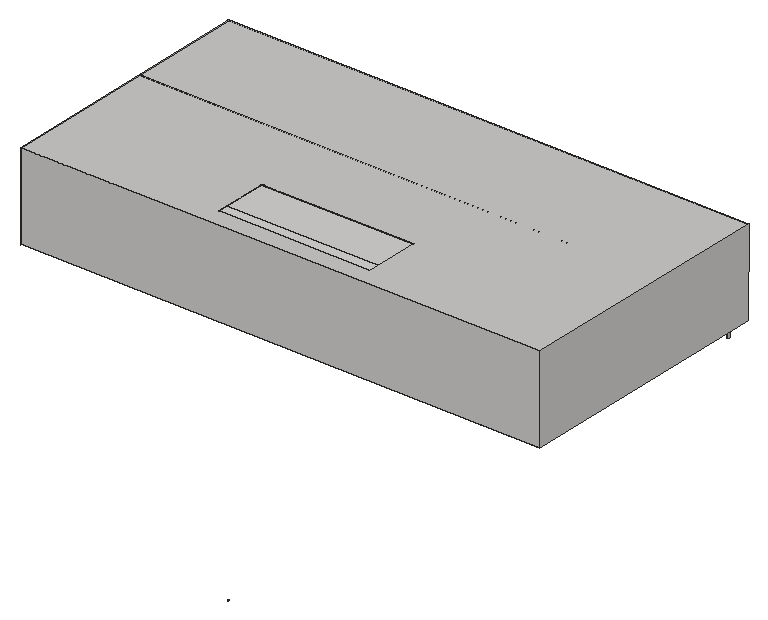
Revit family "QF_ELECTROLUXPROFESSIONAL_643323_DK1224", category Specialty Equipment, Revit 2014
Reference planes
  plane 1: z = 0
  plane 2 "Center (Left/Right)": x = 150
  plane 3 "LEFT": x = -1050
  plane 4 "RIGHT": x = 1350
  plane 5 "BACK": y = 550
  plane 6 "TOP": z = 2400
  plane 7 "Base": z = 2000
  plane 8: z = 1970
  plane 9 "DrainY": y = 450
  plane 10: x = -1047
  plane 11: y = -320
  plane 12: y = -570
  plane 13 "DrainX": x = 1337
  plane 14 "AOLeft2": x = 500
  plane 15: x = 1347
  plane 16: x = -850
  plane 17: x = 1150
  plane 18 "Center (Front/Back)": y = -50
  plane 19 "Front": y = -650
  plane 20 "AOLeft1": x = -200
Forms (mm)
  Extrusion 1, solid, material "QF_Finishes_Stainless Steel"
    sketch origin (-1050, 0, 360) x (0, 1, 0) y (0, 0, 1)
      loop
        line (550, 1640) -> (550, 2040) -> (-650, 2040) -> (-650, 1640) -> (550, 1640)
    from 0 to 3
  Extrusion 2, solid, material "QF_Finishes_Stainless Steel"
    sketch origin (1350, 0, 360) x (0, 1, 0) y (0, 0, 1)
      loop
        line (550, 1640) -> (550, 2040) -> (-650, 2040) -> (-650, 1640) -> (550, 1640)
    from 0 to -3
  Extrusion 3, solid, material "QF_Finishes_Stainless Steel"
    sketch origin (150, 0, 360) x (0, 1, 0) y (0, 0, 1)
      loop
        line (-650, 2040) -> (-650, 1640) -> (-640, 1640) -> (-640, 1640.8) -> (-649.2, 1640.8) -> (-649.2, 2039.19) -> (549.2, 2039.19) -> (549.2, 1640.8) -> (540, 1640.8) -> (540, 1640) -> (550, 1640) -> (550, 2040) -> (-650, 2040)
    from -1200 to 1200
  Extrusion 4, solid, material "QF_Finishes_Stainless Steel"
    sketch origin (0, 0, 2000) x (0, 1, 0) y (-1, 0, 0)
      loop
        circle (450, -1337) r 4.763
    from -30 to 0
  Extrusion 5, void
    sketch origin (0, 0, 2400) x (0, 1, 0) y (-1, 0, 0)
      loop
        line (-320, -500) -> (-320, 200) -> (-570, 200) -> (-570, -500) -> (-320, -500)
    from 0 to -10
  Extrusion 6, solid, material "QF_Finishes_Stainless Steel"
    sketch origin (0, 0, 0) x (1, 0, 0) y (0, 1, 0)
      loop
        line (-1050, 550) -> (-1050, 549) -> (-1049, 549) -> (-1049, 550) -> (-1050, 550)
    from 0 to 1
  Sweep 7, solid, material "QF_Finishes_Stainless Steel"
    path origin (0, 0, 0) x (1, 0, 0) y (0, 1, 0)
      loop
        line (1350, 550) -> (-1050, 550) -> (-1050, -650) -> (1350, -650) -> (1350, 550)
    profile origin (1350, -50, 0) x (1, 0, 0) y (0, 0, 1)
      loop
        line (-3, 2000) -> (-3, 2000.8) -> (-19, 2000.8) -> (-19, 2010) -> (-20, 2010) -> (-20, 2000) -> (-3, 2000)
  Extrusion 8, solid, material "QF_Finishes_Stainless Steel"
    sketch origin (150, 0, 0) x (0, 1, 0) y (0, 0, 1)
      loop
        line (35, 2399.19) -> (34.2, 2399.19) -> (34.2, 2329.838) -> (-320.309, 2254.485) -> (-614.003, 2066.672) -> (-614.003, 2000.8) -> (-613.203, 2000.8) -> (-613.203, 2066.234) -> (-320, 2253.732) -> (35, 2329.19) -> (35, 2399.19)
    from -1197 to 1197
Cuts and joins
  Extrusion 5 cuts Extrusion 3
  joined: Extrusion 2, Extrusion 3, Sweep 7
Lines and regions (mm)
  symbolic lines, style "SpecialityEquipment", detail levels coarse
    curve 1: line (1350, 550, 2400) -> (-1050, 550, 2400)
    curve 2: line (-1050, 550, 2400) -> (-1050, -650, 2400)
    curve 3: line (1350, -650, 2400) -> (1350, 550, 2400)
    curve 4: line (-1050, 550, 0) -> (1350, -650, 0)
    curve 5: line (1350, 550, 0) -> (-1050, -650, 0)
    curve 6: line (-1050, -650, 0) -> (1350, -650, 0)
  symbolic lines, detail levels coarse
    curve 7: line (-200, -570, 0) -> (500, -570, 0)
    curve 8: line (-200, -320, 0) -> (-200, -570, 0)
    curve 9: line (500, -320, 0) -> (-200, -320, 0)
    curve 10: line (500, -570, 0) -> (500, -320, 0)
Dimensions and locks
  plane 3 "LEFT" to plane 4 "RIGHT" = 2400 mm
  equal spacing: plane 3 "LEFT", plane 2 "Center (Left/Right)", plane 4 "RIGHT"
  plane 7 "Base" to plane 8 = 30 mm
  plane 5 "BACK" to plane 9 "DrainY" = 100 mm  (x2)
  plane 3 "LEFT" to plane 10 = 3 mm
  plane 13 "DrainX" to plane 4 "RIGHT" = 13 mm
  plane 15 to plane 4 "RIGHT" = 3 mm
  plane 3 "LEFT" to plane 16 = 200 mm
  plane 17 to plane 4 "RIGHT" = 200 mm
  locked: plane 7 "Base" to level at 2000
  locked: plane 6 "TOP" to plane 7 "Base" at 400
  plane 5 "BACK" to plane 19 "Front" = 1200 mm  (x2)
  equal spacing: plane 5 "BACK", plane 18 "Center (Front/Back)", plane 19 "Front"
  plane 12 to plane 19 "Front" = 80 mm
  locked: plane 11 to plane 12 at 250
  locked: plane 20 "AOLeft1" to plane 14 "AOLeft2" at 700
  equal spacing: plane 20 "AOLeft1", plane 2 "Center (Left/Right)", plane 14 "AOLeft2"
  aligned and locked: level to plane 1
  aligned and locked: plane 4 "RIGHT" to Extrusion 3
  aligned and locked: Extrusion 3 to plane 3 "LEFT"
  aligned and locked: Extrusion 5 to plane 12
  aligned and locked: Extrusion 5 to plane 11
  aligned and locked: Extrusion 2 to plane 15
  aligned and locked: Extrusion 8 to plane 10
  aligned and locked: plane 15 to Extrusion 8
  aligned and locked: Extrusion 5 to plane 20 "AOLeft1"
  aligned and locked: Extrusion 5 to plane 14 "AOLeft2"
Automatic sketch dimensions
  Extrusion 1 sketch curve to plane 7 "Base" = 0 mm
  Extrusion 1 sketch curve to plane 19 "Front" = 0 mm
  Extrusion 1 sketch curve to plane 5 "BACK" = 0 mm
  Extrusion 1 sketch curve to plane 6 "TOP" = 0 mm
  Extrusion 2 sketch curve to plane 7 "Base" = 0 mm
  Extrusion 2 sketch curve to plane 19 "Front" = 0 mm
  Extrusion 2 sketch curve to plane 5 "BACK" = 0 mm
  Extrusion 2 sketch curve to plane 6 "TOP" = 0 mm
  Extrusion 3 sketch curve to plane 6 "TOP" = 0 mm
  Extrusion 3 sketch curve to plane 19 "Front" = 0 mm
  Extrusion 3 sketch curve to plane 7 "Base" = 0 mm  (x2)
  Extrusion 3 sketch curve to plane 5 "BACK" = 0 mm
  plane 19 "Front" to Extrusion 3 sketch curve = 0.8 mm
  Extrusion 3 sketch curve to Extrusion 3 sketch curve = 9.2 mm
  plane 7 "Base" to Extrusion 3 sketch curve = 0.8 mm  (x2)
  Extrusion 3 sketch curve to plane 5 "BACK" = 10 mm
  Extrusion 3 sketch curve to plane 5 "BACK" = 0.8 mm
  Extrusion 3 sketch curve to plane 6 "TOP" = 0.81 mm
  Extrusion 4 sketch curve to plane 9 "DrainY" = 0 mm
  Extrusion 4 sketch curve to plane 13 "DrainX" = 0 mm
  Extrusion 5 sketch curve to plane 12 = 0 mm
  plane 11 to Extrusion 5 sketch curve = 0 mm
  Extrusion 5 sketch curve to plane 14 "AOLeft2" = 0 mm
  Extrusion 5 sketch curve to plane 20 "AOLeft1" = 0 mm
  Extrusion 6 sketch curve to plane 3 "LEFT" = 0 mm
  Extrusion 6 sketch curve to plane 5 "BACK" = 0 mm
  plane 3 "LEFT" to Extrusion 6 sketch curve = 1 mm
  Extrusion 6 sketch curve to Extrusion 6 sketch curve = 1 mm
  Sweep 7 sketch curve to plane 3 "LEFT" = 0 mm
  Sweep 7 sketch curve to plane 4 "RIGHT" = 0 mm
  Sweep 7 sketch curve to plane 19 "Front" = 0 mm
  Sweep 7 sketch curve to plane 5 "BACK" = 0 mm
  profile plane to Sweep 7 sketch curve = 20 mm
  Sweep 7 sketch curve to Sweep 7 sketch curve = 1 mm
  profile plane to Sweep 7 sketch curve = 3 mm
  level to Sweep 7 sketch curve = 2000 mm
  Sweep 7 sketch curve to Sweep 7 sketch curve = 0.8 mm
  Sweep 7 sketch curve to Sweep 7 sketch curve = 9.2 mm
  curve 5 to plane 3 "LEFT" = 0 mm
  curve 4 to plane 3 "LEFT" = 0 mm
  curve 6 to plane 19 "Front" = 0 mm
  curve 5 to plane 4 "RIGHT" = 0 mm
  curve 6 to plane 4 "RIGHT" = 0 mm
  curve 5 to plane 5 "BACK" = 0 mm
  curve 4 to plane 5 "BACK" = 0 mm
  curve 2 to plane 3 "LEFT" = 0 mm
  curve 2 to plane 19 "Front" = 0 mm
  curve 3 to plane 4 "RIGHT" = 0 mm
  curve 3 to plane 19 "Front" = 0 mm
  curve 2 to plane 5 "BACK" = 0 mm
  Extrusion 8 sketch curve to plane 11 = 0 mm
  plane 11 to Extrusion 8 sketch curve = 0.309 mm
  plane 7 "Base" to Extrusion 8 sketch curve = 0.8 mm
  plane 19 "Front" to Extrusion 8 sketch curve = 36.797 mm
  Extrusion 8 sketch curve to Extrusion 8 sketch curve = 0.8 mm  (x2)
  plane 18 "Center (Front/Back)" to Extrusion 8 sketch curve = 84.2 mm
  Extrusion 8 sketch curve to Extrusion 8 sketch curve = 65.434 mm
  Extrusion 8 sketch curve to plane 6 "TOP" = 146.268 mm
  Extrusion 8 sketch curve to Extrusion 8 sketch curve = 0.752 mm
  Extrusion 8 sketch curve to plane 6 "TOP" = 70.81 mm
  Extrusion 8 sketch curve to Extrusion 8 sketch curve = 0.648 mm
  Extrusion 8 sketch curve to Extrusion 8 sketch curve = 0.438 mm
  Extrusion 8 sketch curve to plane 6 "TOP" = 0.81 mm
  curve 7 to plane 12 = 0 mm
  curve 7 to plane 20 "AOLeft1" = 0 mm
  plane 11 to curve 8 = 0 mm
  curve 9 to plane 14 "AOLeft2" = 0 mm
  radius of Extrusion 4 sketch curve = 4.763 mm
Connectors
  piping at (1337, 450, 1970), diameter 9.5
    settings: on Extrusion 4, index 1, connector inside diameter 609.6 mm, connector length 0 mm, flow factor 0, pipe flow 0.0 L/s, pressure drop 0.0 Pa, fitting loss kfactor 0, connector angle 0.00°, fixture units 0, engagement length 0 mm, angle of deflection 0.00°, flow configuration 1, flow direction 2, fitting loss method 0, system type 16, joint type 0, gender type 0, connector reference index -1, connector utility 0, adjustable connector no, is connector primary yes, connector description "Drain"
  hvac at (150, -445, 2400)
    settings: on Extrusion 5, index 2, duct flow 0.0 L/s, flow factor 0, pres drop 0.0 Pa, loss coef 0, conn angle 0.00°, conn width 250 mm, conn height 700 mm, conn diameter 609.6 mm, duct sys type 3, conn prof type 1, flow config 1, flow direction 2, loss method 0, conn ref index -1, conn util no, is conn primary yes, conn desc "EXHAUST OUTLET"
